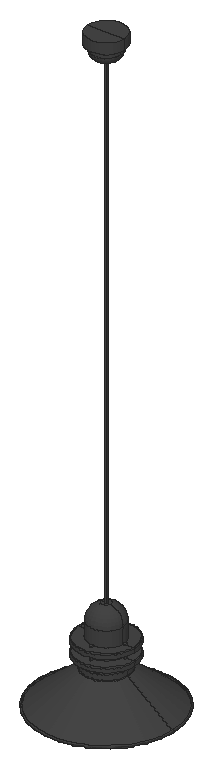
Revit family "Orbitor 200w -16,18,20 LED", category Lighting Fixtures, Revit 2020
Family settings
  Round Connector Dimension = Use Diameter
  Part Type = Normal
  OmniClass Number = 23.80.70.00
  OmniClass Title = Lighting
  Work Plane-Based = No
  Always vertical = Yes
  Cut with Voids When Loaded = No
  Light Source = Yes
  Shared = No
  Room Calculation Point = No
Parameters (values of type "ORB220")
  Weight = "4.0 lbs"
  Wattage Comments = "24W"
  Wattage = 2.4 W
  Warranty = "5 year limited warranty"  # constant formula
  built-in parameter 1150110 = 1 (stored number, unit not read)
  Voltage = 277 V
  URL = "https://www.anplighting.com/assets/Uploads/product-attachments/specification-sheets/ANP-Specification-Sheet-RLM-LED-ORB220.pdf"
  built-in parameter 1114217 = 1 (stored number, unit not read)
  Tilt Angle = 90.00°
  built-in parameter 1150109 = 1 (stored number, unit not read)
  built-in parameter 1150134 = 12
  built-in parameter 1150113 = 1 (stored number, unit not read)
  ORB220 = yes
  ORB218 = no
  ORB216 = no
  Mounting Option [instance] = 1
  Power Factor = 1
  Post Mount [instance] = Mounting Option = 5  # no
  Placement X axis side [instance] = if(Post Mount, 2' 2 15/32", if(Cord or Stem Mount, 0' 0", if(E36 20 inch, 1' 8 1/4", if(E 6 26 inch, 2' 2", if(E7 41 inch, 3' 5 1/4", 0' 1")))))  # 0' - 0"
  Photometric Web File = "ORB220CLM024LDDW40K.IES"
  Model = "ORB220"
  Manufacturer = "ANP Lighting"  # constant formula
  built-in parameter 1150105 = 238.73 (stored number, unit not read)
  Lumens = 3000 lm
  built-in parameter 1150115 = 1 (stored number, unit not read)
  Load Classification = Lighting
  Light Source Height [instance] = 1' - 1 1/2"
  built-in parameter 1150137 = (empty or 0)
  built-in parameter 1150139 = (empty or 0)
  Light Elevation _2 [instance] = if(Post Mount, 0' 0.66142", if(E7 41 inch, 0' 0.66142", if(E36 20 inch, 0' 1.65748", if(E 6 26 inch, 0' 1.53543", if(Cord or Stem Mount, (0' 4.3622" + Cord Length), 0' 0")))))  # 6' - 4.3622"
  Light Elevation _1 [instance] = if(Post Mount, 0' 0", if(E7 41 inch, 0' 0", if(E36 20 inch, 0' 1", if(E 6 26 inch, 0' 0.87402", if(Cord or Stem Mount, (0' 3.66142" + Cord Length), 0' 0")))))  # 6' - 3.66142"
  Light Elevation [instance] = if(Post Mount, 14' 0.5315", if(E7 41 inch, 0' 0", 0' 0"))  # 0' - 0"
  Life = "L70 50,000 hours"  # constant formula
  built-in parameter 1150112 = 1 (stored number, unit not read)
  built-in parameter 1150114 = 1 (stored number, unit not read)
  Lamp = "LED"
  built-in parameter 1150132 = 2
  built-in parameter 1150102 = (empty or 0)
  built-in parameter 1150107 = 4000 (stored number, unit not read)
  built-in parameter 1150138 = (empty or 0)
  built-in parameter 1150106 = 2.3873 (stored number, unit not read)
  INSIDE BODY = INSIDE BODY
  Fixture Height = 1' - 1 7/8"
  Fixture Diameter = 1' - 8"
  Efficiency = "65-125 lumens per watt"  # constant formula
  built-in parameter 1150104 = 116.13 (stored number, unit not read)
  E7 41 inch [instance] = Mounting Option = 4  # no
  E36 20 inch [instance] = Mounting Option = 3  # no
  E 6 26 inch [instance] = Mounting Option = 2  # no
  Dimming Lamp Color Temperature Shift = <None>
  Dimming = "1%"  # constant formula
  Description = "120-277 Voltage"  # constant formula
  Default Elevation = 0' - 0"
  Cord or Stem Mount [instance] = Mounting Option = 1  # yes
  Cord Length option [instance] = 0
  Cord Length [instance] = if([2' Cord], 2' 0", if([4' Cord], 4' 0", if([8' Cord], 8' 0", if([10' Cord], 10' 0", if([6' Cord], 6' 0", 6' 0")))))  # 6' - 0"
  Construction Material = "Heavy Duty spun aluminum."  # constant formula
  Color Filter = 16777215
  CRI = ">90"  # constant formula
  Bulb = Bulb
  Body Material = body
  Body Colour = "Spun aluminium"  # constant formula
  built-in parameter 1114218 = 1 (stored number, unit not read)
  built-in parameter 1150133 = 10 (stored number, unit not read)
  Apparent Load = 24 VA
  8' Cord [instance] = Cord Length option = 8  # no
  6' Cord [instance] = Cord Length option = 6  # no
  4' Cord [instance] = Cord Length option = 4  # no
  2' Cord [instance] = Cord Length option = 2  # no
  10' Cord [instance] = Cord Length option = 10  # no
Reference planes (in)
  plane 1 "Light Source Axis (F/B)": y = 0
  plane 2: z = 0
  plane 3 "Light Source Axis (L/R)": x = 0
  plane 4 "Light Source Elevation": z = 0
  plane 5: z = 0
  plane 6: x = 0
  plane 7 "Bulb Position": z = -76.3622
  plane 8 "Canopy Position": z = -75.66142
  plane 9 "IES": z = -89.8622
Dimensions and locks (in)
  "Light Elevation": plane 5 to plane 2
  "Placement X axis side": plane 6 to plane 3 "Light Source Axis (L/R)"
  "Light Elevation _2": plane 5 to plane 7 "Bulb Position"
  "Light Elevation _1": plane 5 to plane 8 "Canopy Position"
  "Light Source Height": plane 7 "Bulb Position" to plane 9 "IES"
  locked: plane 4 "Light Source Elevation" to plane 2
  aligned and locked: level to plane 2
  aligned and locked: plane 1 "Light Source Axis (F/B)" to nested 5
  aligned and locked: nested 5 to plane 2
  aligned and locked: nested 1 to plane 3 "Light Source Axis (L/R)"
  aligned and locked: plane 3 "Light Source Axis (L/R)" to nested 2
  aligned and locked: plane 3 "Light Source Axis (L/R)" to nested 4
  aligned and locked: nested 3 to plane 5
  aligned and locked: plane 3 "Light Source Axis (L/R)" to nested 3
  aligned and locked: plane 3 "Light Source Axis (L/R)" to nested 5
  aligned and locked: plane 1 "Light Source Axis (F/B)" to nested 2
  aligned and locked: plane 1 "Light Source Axis (F/B)" to nested 1
  aligned and locked: plane 1 "Light Source Axis (F/B)" to nested 4
  aligned and locked: plane 1 "Light Source Axis (F/B)" to nested 3
  aligned and locked: plane 2 to nested 1
  aligned and locked: plane 2 to nested 2
  aligned and locked: nested 4 to plane 2
  aligned and locked: imposter light to plane 9 "IES"
  aligned and locked: imposter light to plane 6
  aligned and locked: nested 6 to plane 8 "Canopy Position"
  aligned and locked: nested 7 to plane 8 "Canopy Position"
  aligned and locked: nested 8 to plane 8 "Canopy Position"
  aligned and locked: nested 6 to plane 6
  aligned and locked: nested 7 to plane 6
  aligned and locked: nested 8 to plane 6
Nested families (in)
  nested 1: "CORD OR STEM MOUNT" at (0, 0, -75.67), visible <- "Cord or Stem Mount", Cord or Stem Mount <- "Cord or Stem Mount", Body Material <- "Body Material", Light Elevation <- "Light Elevation", Cord Length <- "Cord Length", 10' Cord <- "10' Cord", 2' Cord <- "2' Cord", 4' Cord <- "4' Cord", 6' Cord <- "6' Cord", 8' Cord <- "8' Cord", type "CORD OR STEM MOUNT"
    with Light Elevation 0' - 0", Cord or Stem Mount yes, Cord Length 6' - 0", Body Material body, 8' Cord no, 6' Cord no, 4' Cord no, 2' Cord no, 10' Cord no
  nested 2: "E6 26 INCH" at (0, 0, 0), visible <- "E 6 26 inch", Chain Length <- "Cord Length", E 6 26 inch <- "E 6 26 inch", Placement X axis side <- "Placement X axis side", Body Material <- "Body Material", Light Elevation <- "Light Elevation", type "E6 26 INCH"
    with Placement X axis side 0' - 0", Light Elevation 0' - 0", E 6 26 inch no, Chain Length 6' - 0", Body Material body
  nested 3: "E7 41 INCH" at (0, 0, 0), Chain Length <- "Cord Length", visible <- "E7 41 inch", E7 41 inch <- "E7 41 inch", Placement X axis side <- "Placement X axis side", Body Material <- "Body Material", Light Elevation <- "Light Elevation", type "E7 41 INCH"
    with Placement X axis side 0' - 0", Light Elevation 0' - 0", E7 41 inch no, Chain Length 6' - 0", Body Material body
  nested 4: "E36 20 INCH" at (0, 0, 0), visible <- "E36 20 inch", E36 20 inch <- "E36 20 inch", Placement X axis side <- "Placement X axis side", Chain Length <- "Cord Length", Body Material <- "Body Material", Light Elevation <- "Light Elevation", type "E36 20 INCH"
    with Placement X axis side 0' - 0", Light Elevation 0' - 0", E36 20 inch no, Chain Length 6' - 0", Body Material body
  nested 5: "POST MOUNT" at (0, 0, 0), visible <- "Post Mount", Post Mount <- "Post Mount", Placement X axis side <- "Placement X axis side", Chain Length <- "Cord Length", Body Material <- "Body Material", Light Elevation <- "Light Elevation", type "POST MOUNT"
    with Post Mount no, Placement X axis side 0' - 0", Light Elevation 0' - 0", Chain Length 6' - 0", Body Material body
  nested 6: "ORB216" at (0, 0, -75.66142), Light Elevation <- "Light Elevation", Body <- "Body Material", INSIDE BODY <- "INSIDE BODY", Bulb <- "Bulb", visible <- "ORB216", ORB216 <- "ORB216", type "ORB216"
    with ORB216 no, Light Elevation 0' - 0", INSIDE BODY INSIDE BODY, Bulb Bulb, Body body
  nested 7: "ORB218" at (0, 0, -75.66142), Light Elevation <- "Light Elevation", Body <- "Body Material", INSIDE BODY <- "INSIDE BODY", visible <- "ORB218", ORB218 <- "ORB218", Bulb <- "Bulb", type "ORB218"
    with ORB218 no, Light Elevation 0' - 0", INSIDE BODY INSIDE BODY, Bulb Bulb, Body body
  nested 8: "ORB220" at (0, 0, -75.66142), Light Elevation <- "Light Elevation", Body <- "Body Material", INSIDE BODY <- "INSIDE BODY", Bulb <- "Bulb", visible <- "ORB220", ORB220 <- "ORB220", type "ORB220"
    with ORB220 yes, Light Elevation 0' - 0", INSIDE BODY INSIDE BODY, Bulb Bulb, Body body
Definition of nested family "CORD OR STEM MOUNT"
  Parameters (values of type "CORD OR STEM MOUNT")
    URL = ""
    Model = ""
    Manufacturer = ""
    Light Elevation [instance] = 1' - 7.69"
    Default Elevation = 0' - 0"
    Cord or Stem Mount [instance] = yes
    Cord Length [instance] = 6' - 0"
    Body Material [instance] = none
    8' Cord [instance] = no
    6' Cord [instance] = no
    4' Cord [instance] = no
    2' Cord [instance] = no
    10' Cord [instance] = no
  Reference planes (in)
    plane 1 "Light Source Axis (F/B)": y = 0
    plane 2: z = 0
    plane 3 "Light Source Axis (L/R)": x = 0
    plane 4 "Light Source Elevation": z = 23.125
    plane 5: z = 91.69
    plane 6: z = 19.69
  Forms (in)
    Extrusion 1, void, not visible
      sketch origin (0, 0, 2.38154) x (1, 0, 0) y (0, 0, 1)
        loop
          circle (0, 4.59925) r 0.16583
      from 1.18594 to 1.75
    Extrusion 2, void, not visible
      sketch origin (0, 0, 2.38154) x (0.707107, -0.707107, 0) y (0, 0, 1)
        loop
          circle (0, 4.59925) r 0.16583
      from 1.18594 to 1.75
    Extrusion 3, void, not visible
      sketch origin (0, 0, 2.38154) x (0.707107, 0.707107, 0) y (0, 0, 1)
        loop
          circle (0, 4.59925) r 0.16583
      from 1.18594 to 1.75
    Extrusion 4, void, not visible
      sketch origin (0, 0, 2.38154) x (0, 1, 0) y (0, 0, 1)
        loop
          circle (0, 4.59925) r 0.16583
      from 1.18594 to 1.75
    Extrusion 5, void, not visible
      sketch origin (0, 0, 2.38154) x (-0.707107, 0.707107, 0) y (0, 0, 1)
        loop
          circle (0, 4.59925) r 0.16583
      from 1.18594 to 1.75
    Extrusion 6, void, not visible
      sketch origin (0, 0, 2.38154) x (-1, 0, 0) y (0, 0, 1)
        loop
          circle (0, 4.59925) r 0.20678
      from 1.18594 to 1.75
    Extrusion 7, void, not visible
      sketch origin (0, 0, 2.38154) x (-0.707107, -0.707107, 0) y (0, 0, 1)
        loop
          circle (0, 4.59925) r 0.16583
      from 1.18594 to 1.75
    Extrusion 8, void, not visible
      sketch origin (0, 0, 2.38154) x (0, -1, 0) y (0, 0, 1)
        loop
          circle (0, 4.59925) r 0.16583
      from 1.18594 to 1.75
    Revolve 9, solid, material <- "Body Material", visible <- "Cord or Stem Mount"
      sketch origin (0, 0, 174.56698) x (1, 0, 0) y (0, 0, 1)
        loop
          line (2.6875, -79.20698) -> (0, -79.20698) -> (0, -82.87698) -> (0.125, -82.87698) -> (0.125, -82.83698) -> (0.75, -82.83698)
          arc (0.75, -82.83698) -> (0.81694, -82.77004) -> (0.75, -82.7031) r 0.06694
          line (0.75, -82.7031) -> (0.89763, -82.7031) -> (1.00223, -82.5985) -> (1.06587, -82.5985)
          arc (1.06587, -82.5985) -> (1.80099, -82.29401) -> (2.10549, -81.55888) r 1.03962
          line (2.10549, -81.55888) -> (2.10549, -81.03899)
          arc (2.10549, -81.03899) -> (2.12951, -80.981) -> (2.1875, -80.95698) r 0.08201
          line (2.1875, -80.95698) -> (2.1875, -80.70698) -> (2.6875, -80.70698) -> (2.6875, -79.20698)
        axis (0, -79.20698) -> (0, -82.87698)
      angle from 0 to 360
    Revolve 10, solid, material <- "Body Material", visible <- "Cord or Stem Mount"
      sketch origin (0, 0, 0) x (1, 0, 0) y (0, 0, 1)
        loop
          line (0, 91.69) -> (-0.125, 91.69) -> (-0.125, 19.69) -> (0, 19.69) -> (0, 91.69)
        axis (0, 19.69) -> (0, 91.69)
      angle from 0 to 360
  Dimensions and locks (in)
    "Light Elevation": plane 6 to plane 2
    "Cord Length": plane 5 to plane 6
    locked: Revolve 10 sketch curve to Revolve 10 sketch curve at 0.125
    aligned and locked: level to plane 2
    aligned and locked: Revolve 10 sketch curve to plane 3 "Light Source Axis (L/R)"
    aligned and locked: Revolve 10 sketch curve to plane 6
    aligned and locked: Revolve 10 sketch curve to plane 5
    aligned and locked: plane 3 "Light Source Axis (L/R)" to Revolve 10 sketch curve
  Automatic sketch dimensions
    Revolve 9 sketch curve to plane 3 "Light Source Axis (L/R)" = 0' - 0"  (x2)
    Revolve 9 sketch curve to plane 5 = 0' - 0"
    plane 3 "Light Source Axis (L/R)" to Revolve 9 sketch curve = 0' - 0 1/8"
    Revolve 9 sketch curve to plane 5 = 0' - 0.17388"
    Revolve 9 sketch curve to Revolve 9 sketch curve = 0' - 0 5/8"
    Revolve 9 sketch curve to Revolve 9 sketch curve = 0' - 0.14763"
    Revolve 9 sketch curve to plane 5 = 0' - 0.27847"
    Revolve 9 sketch curve to Revolve 9 sketch curve = 0' - 0.1046"
    Revolve 9 sketch curve to Revolve 9 sketch curve = 0' - 0.06364"
    Revolve 9 sketch curve to Revolve 9 sketch curve = 0' - 1.03962"
    Revolve 9 sketch curve to Revolve 9 sketch curve = 0' - 0 21/256"
    Revolve 9 sketch curve to Revolve 9 sketch curve = 0' - 0 1/2"  (x2)
    Revolve 9 sketch curve to Revolve 9 sketch curve = 0' - 0.51989"
    Revolve 9 sketch curve to Revolve 9 sketch curve = 0' - 0 1/4"
    Revolve 9 sketch curve to Revolve 9 sketch curve = 0' - 2.3519"
    Revolve 9 sketch curve to Revolve 9 sketch curve = 0' - 1 1/4"
    Revolve 9 sketch curve to Revolve 9 sketch curve = 0' - 0.04"
    Revolve 10 sketch curve to Revolve 10 sketch curve = 0' - 0 1/2"
    Revolve 10 sketch curve to Revolve 10 sketch curve = 0' - 0.42345"
Definition of nested family "ORB220"
  Parameters (values of type "ORB220")
    ORB220 [instance] = yes
    Light Elevation [instance] = 0' - 0"
    INSIDE BODY [instance] = none
    Default Elevation = 0' - 0"
    Bulb [instance] = none
    Body [instance] = none
  Reference planes (in)
    plane 1 "Center (Front/Back)": y = 0
    plane 2: z = 0
    plane 3 "Center (Left/Right)": x = 0
    plane 4: z = 0
  Dimensions and locks (in)
    "Light Elevation": plane 4 to plane 2
    aligned and locked: plane 2 to level
    aligned and locked: plane 3 "Center (Left/Right)" to nested 1
    aligned and locked: plane 1 "Center (Front/Back)" to nested 1
    aligned and locked: nested 1 to plane 4
  Nested families (in)
    nested 1: "ORB220-LED" at (0, 0, -13.95795), INSIDE BODY <- "INSIDE BODY", Body <- "Body", visible <- "ORB220", ORB220 <- "ORB220", Bulb <- "Bulb", type "ORB220-LED"
      with ORB220 yes, INSIDE BODY none, Bulb none, Body none
  Definition of nested family "ORB220-LED"
    Parameters (values of type "ORB220-LED")
      ORB220 [instance] = yes
      INSIDE BODY [instance] = none
      Default Elevation = 0' - 0"
      Bulb [instance] = none
      Body [instance] = none
    Reference planes (in)
      plane 1 "Center (Front/Back)": y = 0
      plane 2: z = 0
      plane 3 "Center (Left/Right)": x = 0
    Forms (in)
      Revolve 1, solid, material <- "Body", visible <- "ORB220"
        sketch origin (0, 0, -0.91709) x (1, 0, 0) y (0, 0, 1)
          loop
            arc (-0.73351, 14.87503) -> (-2.01045, 13.97103) -> (-2.5, 12.48506) r 2.5
            line (-2.5, 12.48506) -> (-2.5, 10.11006)
            arc (-2.5, 10.11006) -> (-2.53661, 10.02167) -> (-2.625, 9.98506) r 0.125
            line (-2.625, 9.98506) -> (-3.0625, 9.98506)
            arc (-3.0625, 9.98506) -> (-3.15089, 9.94845) -> (-3.1875, 9.86006) r 0.125
            line (-3.1875, 9.86006) -> (-3.1875, 9.36006) -> (-3.1075, 9.36006) -> (-3.1075, 9.86006)
            arc (-3.1075, 9.86006) -> (-3.09432, 9.89188) -> (-3.0625, 9.90506) r 0.045
            line (-3.0625, 9.90506) -> (-2.625, 9.90506)
            arc (-2.625, 9.90506) -> (-2.48004, 9.9651) -> (-2.42, 10.11006) r 0.205
            line (-2.42, 10.11006) -> (-2.42, 12.48506)
            arc (-2.42, 12.48506) -> (-1.93222, 13.94209) -> (-0.6655, 14.81176) r 2.42
            line (-0.6655, 14.81176) -> (-0.07218, 14.81176) -> (-0.07218, 14.87503) -> (-0.73351, 14.87503)
          axis (0, 14.87503) -> (0, 9.36006)
        angle from 0 to 360
      Revolve 2, solid, material <- "Body", visible <- "ORB220"
        sketch origin (0, 0, -0.91709) x (1, 0, 0) y (0, 0, 1)
          loop
            line (-2.5625, 10.31506) -> (-4.1075, 10.31506)
            arc (-4.1075, 10.31506) -> (-4.16407, 10.29163) -> (-4.1875, 10.23506) r 0.08
            line (-4.1875, 10.23506) -> (-4.1875, 9.69006) -> (-4.1075, 9.69006) -> (-4.1075, 10.23506) -> (-2.5625, 10.23506) -> (-2.5625, 10.31506)
          axis (0, 10.31506) -> (0, 9.69006)
        angle from 0 to 360
      Revolve 3, solid, material <- "Body", visible <- "ORB220"
        sketch origin (0, 0, -0.91709) x (1, 0, 0) y (0, 0, 1)
          loop
            line (-2.5625, 9.98506) -> (-2.5625, 10.11006) -> (-2.5625, 10.23506) -> (-4, 10.23506) -> (-4, 10.11006) -> (-4, 9.98506) -> (-2.5625, 9.98506)
          axis (0, 10.23506) -> (0, 9.98506)
        angle from 0 to 360
      Revolve 4, solid, material <- "Body", visible <- "ORB220"
        sketch origin (0, 0, -0.91709) x (1, 0, 0) y (0, 0, 1)
          loop
            line (-1.5, 9.90506) -> (-3.0625, 9.90506) -> (-3.0625, 9.78006) -> (-1.5, 9.78006) -> (-1.5, 9.90506)
          axis (0, 9.90506) -> (0, 9.78006)
        angle from 0 to 360
      Revolve 5, solid, material <- "Body", visible <- "ORB220"
        sketch origin (0, 0, -0.91709) x (1, 0, 0) y (0, 0, 1)
          loop
            line (-1.25, 9.78006) -> (-2.5, 9.78006) -> (-2.5, 9.03006) -> (-2.4375, 9.03006) -> (-2.4375, 8.53006) -> (-2.1875, 8.53006) -> (-2.1875, 9.59256) -> (-1.25, 9.59256) -> (-1.25, 9.78006)
          axis (0, 9.78006) -> (0, 8.53006)
        angle from 0 to 360
      Revolve 6, solid, material <- "Body", visible <- "ORB220"
        sketch origin (0, 0, -0.91709) x (1, 0, 0) y (0, 0, 1)
          loop
            line (-2.5625, 8.53006) -> (-4.1075, 8.53006)
            arc (-4.1075, 8.53006) -> (-4.16407, 8.50663) -> (-4.1875, 8.45006) r 0.08
            line (-4.1875, 8.45006) -> (-4.1875, 7.90506) -> (-4.1075, 7.90506) -> (-4.1075, 8.45006) -> (-2.5625, 8.45006) -> (-2.5625, 8.53006)
          axis (0, 8.53006) -> (0, 7.90506)
        angle from 0 to 360
      Revolve 7, solid, material <- "Body", visible <- "ORB220"
        sketch origin (0, 0, -0.91709) x (1, 0, 0) y (0, 0, 1)
          loop
            arc (-2.8125, 10.49006) -> (-2.92183, 10.45978) -> (-3, 10.37756) r 0.2125
            line (-3, 10.37756) -> (-3, 10.31506) -> (-2.8125, 10.31506) -> (-2.8125, 10.49006)
          loop
            line (-2.9375, 9.78006) -> (-3, 9.78006) -> (-3, 8.53006) -> (-2.9375, 8.53006) -> (-2.9375, 9.78006)
          loop
            line (-2.9375, 8.45006) -> (-3, 8.45006) -> (-3, 7.20006) -> (-2.9375, 7.20006) -> (-2.9375, 8.45006)
          axis (-2.8125, 10.49006) -> (-2.8125, 7.20006)
        angle from 0 to 360
      Revolve 8, solid, material <- "Body", visible <- "ORB220"
        sketch origin (0, 0, -0.91709) x (-1, 0, 0) y (0, 0, 1)
          loop
            arc (-2.8125, 10.49006) -> (-2.92183, 10.45978) -> (-3, 10.37756) r 0.2125
            line (-3, 10.37756) -> (-3, 10.31506) -> (-2.8125, 10.31506) -> (-2.8125, 10.49006)
          loop
            line (-2.9375, 9.78006) -> (-3, 9.78006) -> (-3, 8.53006) -> (-2.9375, 8.53006) -> (-2.9375, 9.78006)
          loop
            line (-2.9375, 8.45006) -> (-3, 8.45006) -> (-3, 7.20006) -> (-2.9375, 7.20006) -> (-2.9375, 8.45006)
          axis (-2.8125, 10.49006) -> (-2.8125, 7.20006)
        angle from 0 to 360
      Revolve 9, solid, material <- "Body", visible <- "ORB220"
        sketch origin (0, 0, -0.91709) x (0, 1, 0) y (0, 0, 1)
          loop
            arc (-2.8125, 10.49006) -> (-2.92183, 10.45978) -> (-3, 10.37756) r 0.2125
            line (-3, 10.37756) -> (-3, 10.31506) -> (-2.8125, 10.31506) -> (-2.8125, 10.49006)
          loop
            line (-2.9375, 9.78006) -> (-3, 9.78006) -> (-3, 8.53006) -> (-2.9375, 8.53006) -> (-2.9375, 9.78006)
          loop
            line (-2.9375, 8.45006) -> (-3, 8.45006) -> (-3, 7.20006) -> (-2.9375, 7.20006) -> (-2.9375, 8.45006)
          axis (-2.8125, 10.49006) -> (-2.8125, 7.20006)
        angle from 0 to 360
      Revolve 10, solid, material <- "Body", visible <- "ORB220"
        sketch origin (0, 0, -0.91709) x (0, -1, 0) y (0, 0, -1)
          loop
            line (-2.8125, -10.49006) -> (-2.8125, -10.31506) -> (-3, -10.31506) -> (-3, -10.37756)
            arc (-3, -10.37756) -> (-2.92183, -10.45978) -> (-2.8125, -10.49006) r 0.2125
          loop
            line (-2.9375, -9.78006) -> (-2.9375, -8.53006) -> (-3, -8.53006) -> (-3, -9.78006) -> (-2.9375, -9.78006)
          loop
            line (-2.9375, -8.45006) -> (-2.9375, -7.20006) -> (-3, -7.20006) -> (-3, -8.45006) -> (-2.9375, -8.45006)
          axis (-2.8125, -10.49006) -> (-2.8125, -7.20006)
        angle from 0 to 360
      Revolve 11, solid, material <- "Bulb", visible <- "ORB220"
        sketch origin (0, 0, -0.91709) x (1, 0, 0) y (0, 0, 1)
          loop
            line (-2.07662, 8.53006) -> (-2.185, 8.4375) -> (-2.185, 5.92368) -> (-2.185, 3.185)
            arc (-2.185, 3.185) -> (-1.54503, 1.63997) -> (0, 1) r 2.185
            line (0, 1) -> (0, 1.09375)
            arc (0, 1.09375) -> (-1.47874, 1.70626) -> (-2.09125, 3.185) r 2.09125
            line (-2.09125, 3.185) -> (-2.09125, 5.92368) -> (-2.09125, 8.39428) -> (-1.98287, 8.48684) -> (-1.98287, 9.5) -> (-2.07662, 9.5) -> (-2.07662, 8.53006)
          axis (0, 9.5) -> (0, 1)
        angle from 0 to 360
      Revolve 12, solid, material <- "Body", visible <- "ORB220"
        sketch origin (0, 0, -4.5) x (1, 0, 0) y (0, 0, 1)
          loop
            line (-2.5625, 10.70298) -> (-2.5625, 10.78298) -> (-3.0625, 10.78298)
            arc (-3.0625, 10.78298) -> (-3.15089, 10.74636) -> (-3.1875, 10.65798) r 0.125
            line (-3.1875, 10.65798) -> (-3.1875, 9.9182)
            arc (-3.1875, 9.9182) -> (-3.20446, 9.85534) -> (-3.25072, 9.80953) r 0.125
            line (-3.25072, 9.80953) -> (-9.81976, 4.74349)
            arc (-9.81976, 4.74349) -> (-9.91861, 4.79633) -> (-9.8475, 4.88298) r 0.0725
            line (-9.8475, 4.88298) -> (-9.8475, 4.96298)
            arc (-9.8475, 4.96298) -> (-10, 4.81048) -> (-9.8475, 4.65798) r 0.1525
            arc (-9.8475, 4.65798) -> (-9.81775, 4.66091) -> (-9.78914, 4.66958) r 0.1525
            line (-9.78914, 4.66958) -> (-3.20527, 9.74348)
            arc (-3.20527, 9.74348) -> (-3.1336, 9.81809) -> (-3.1075, 9.9182) r 0.205
            line (-3.1075, 9.9182) -> (-3.1075, 10.65798)
            arc (-3.1075, 10.65798) -> (-3.09432, 10.68979) -> (-3.0625, 10.70298) r 0.045
            line (-3.0625, 10.70298) -> (-2.5625, 10.70298)
          axis (0, 10.78298) -> (0, 4.65798)
        angle from 0 to 360
      Revolve 13, solid, material <- "INSIDE BODY", visible <- "ORB220"
        sketch origin (0, 0, 0) x (1, 0, 0) y (0, 0, 1)
          loop
            line (3.20527, 5.24348) -> (3.04145, 5.24348) -> (9.52842, 0.2443) -> (9.69224, 0.2443) -> (3.20527, 5.24348)
          axis (0, 0.2443) -> (0, 5.24348)
        angle from 0 to 360
    Dimensions and locks (in)
      aligned and locked: plane 2 to level
Definition of nested family "E6 26 INCH"
  Parameters (values of type "E6 26 INCH")
    URL = ""
    Placement X axis side [instance] = 2' - 2"
    Model = ""
    Manufacturer = ""
    Light Elevation [instance] = 8' - 4"
    E 6 26 inch [instance] = yes
    Default Elevation = 0' - 0"
    Chain Length [instance] = 0' - 0"
    Body Material [instance] = none
  Reference planes (in)
    plane 1 "Light Source Axis (F/B)": y = 0
    plane 2: z = 0
    plane 3 "Light Source Axis (L/R)": x = 0
    plane 4 "Light Source Elevation": z = 23.125
    plane 5: z = 100
    plane 6: x = -26
    plane 7: z = 99.125
    plane 8: x = -24.12
    plane 9: x = -25.5474
  Forms (in)
    Extrusion 1, void, not visible
      sketch origin (0, 0, 2.38154) x (1, 0, 0) y (0, 0, 1)
        loop
          circle (0, 4.59925) r 0.16583
      from 1.18594 to 1.75
    Extrusion 2, void, not visible
      sketch origin (0, 0, 2.38154) x (0.707107, -0.707107, 0) y (0, 0, 1)
        loop
          circle (0, 4.59925) r 0.16583
      from 1.18594 to 1.75
    Extrusion 3, void, not visible
      sketch origin (0, 0, 2.38154) x (0.707107, 0.707107, 0) y (0, 0, 1)
        loop
          circle (0, 4.59925) r 0.16583
      from 1.18594 to 1.75
    Extrusion 4, void, not visible
      sketch origin (0, 0, 2.38154) x (0, 1, 0) y (0, 0, 1)
        loop
          circle (0, 4.59925) r 0.16583
      from 1.18594 to 1.75
    Extrusion 5, void, not visible
      sketch origin (0, 0, 2.38154) x (-0.707107, 0.707107, 0) y (0, 0, 1)
        loop
          circle (0, 4.59925) r 0.16583
      from 1.18594 to 1.75
    Extrusion 6, void, not visible
      sketch origin (0, 0, 2.38154) x (-1, 0, 0) y (0, 0, 1)
        loop
          circle (0, 4.59925) r 0.20678
      from 1.18594 to 1.75
    Extrusion 7, void, not visible
      sketch origin (0, 0, 2.38154) x (-0.707107, -0.707107, 0) y (0, 0, 1)
        loop
          circle (0, 4.59925) r 0.16583
      from 1.18594 to 1.75
    Extrusion 8, void, not visible
      sketch origin (0, 0, 2.38154) x (0, -1, 0) y (0, 0, 1)
        loop
          circle (0, 4.59925) r 0.16583
      from 1.18594 to 1.75
    Sweep 9, solid, material <- "Body Material", visible <- "E 6 26 inch"
      path origin (-41.25, 0, 168.51693) x (1, 0, 0) y (0, 0, 1)
        loop
          line (17.13, -68.51693) -> (27.68551, -68.51693)
          arc (27.68551, -68.51693) -> (28.47996, -68.34486) -> (29.13202, -67.8595) r 1.92004
          line (29.13202, -67.8595) -> (34.23651, -62.01155)
          arc (34.23651, -62.01155) -> (38.65464, -60.89667) -> (41.25, -64.64193) r 4
          line (41.25, -64.64193) -> (41.25, -69.39193)
      profile origin (-18.84224, 0, 100) x (0, 0, 1) y (0, -1, 0)
        loop
          circle (0, 0) r 0.5
    Revolve 10, solid, material <- "Body Material", visible <- "E 6 26 inch"
      sketch origin (-26, 0, 168.51693) x (1, 0, 0) y (0, 0, 1)
        loop
          line (0, -66.07943) -> (0, -68.51693) -> (1.88, -68.51693) -> (1.88, -67.69272) -> (0.4526, -67.69272) -> (0.4526, -66.54122) -> (0.33125, -66.54122) -> (0.33125, -66.07943) -> (0, -66.07943)
        axis (0, -68.51693) -> (1.88, -68.51693)
      angle from 0 to 360
    Extrusion 11, solid, material <- "Body Material", visible <- "E 6 26 inch"
      sketch origin (-26, 0, 168.51693) x (0, -1, 0) y (0, 0, -1)
        loop
          line (0.25, 68.51693) -> (0.25, 69.51693) -> (-0.25, 69.51693) -> (-0.25, 68.51693) -> (0.25, 68.51693)
      from 0.4526 to 1.88
  Cuts and joins
    joined: Revolve 10, Extrusion 11
  Dimensions and locks (in)
    "Light Elevation": plane 5 to plane 2
    "Placement X axis side": plane 3 "Light Source Axis (L/R)" to plane 6
    locked: plane 5 to plane 7 at 0.875
    Revolve 10 sketch curve to Revolve 10 sketch curve to Revolve 10 sketch curve to plane 6 = 0' - 1.4274" locked, 0' - 0.12135" locked, 0' - 0.33125" locked
    Revolve 10 sketch curve to Revolve 10 sketch curve to Revolve 10 sketch curve to plane 5 = 0' - 0.46179" locked, 0' - 1.1515" locked, 0' - 0 211/256" locked
    locked: Sweep 9 sketch curve to plane 6 at 1.88
    locked: Sweep 9 sketch curve to Sweep 9 sketch curve at 10.55551
    locked: Sweep 9 sketch curve to Sweep 9 sketch curve at 13.56449
    locked: Sweep 9 sketch curve to Sweep 9 sketch curve at 4.75
    locked: plane 9 to plane 6 at 0.4526
    locked: plane 8 to plane 9 at 1.4274
    aligned and locked: level to plane 2
    aligned and locked: Revolve 10 sketch curve to plane 6
    aligned and locked: plane 5 to Revolve 10 sketch curve
    aligned and locked: Revolve 10 sketch curve to plane 5
    aligned and locked: cut or joined group of Revolve 10, Extrusion 11 to plane 9
    aligned and locked: plane 8 to cut or joined group of Revolve 10, Extrusion 11
  Automatic sketch dimensions
    Sweep 9 sketch curve to plane 5 = 0' - 0"
    Sweep 9 sketch curve to Sweep 9 sketch curve = 0' - 4"
    Sweep 9 sketch curve to Sweep 9 sketch curve = 0' - 3.01349"
    plane 5 to Sweep 9 sketch curve = 0' - 0.65743"
    Sweep 9 sketch curve to Sweep 9 sketch curve = 0' - 1.4465"
    Sweep 9 sketch curve to plane 5 = 0' - 0 7/8"
    profile plane to Sweep 9 sketch curve = 0' - 0"
    Sweep 9 sketch curve to profile plane = 0' - 0"
    plane 6 to Revolve 10 sketch curve = 0' - 0.62562"
    Revolve 10 sketch curve to Revolve 10 sketch curve = 0' - 0 1/2"
    Extrusion 11 sketch curve to plane 5 = 0' - 0"
    plane 1 "Light Source Axis (F/B)" to Extrusion 11 sketch curve = 0' - 0 1/4"
    Extrusion 11 sketch curve to plane 1 "Light Source Axis (F/B)" = 0' - 0 1/4"
    plane 5 to Extrusion 11 sketch curve = 0' - 1"
    radius of Sweep 9 sketch curve = 0' - 0 1/2"
Definition of nested family "E7 41 INCH"
  Parameters (values of type "E7 41 INCH")
    URL = ""
    Placement X axis side [instance] = 4' - 2"
    Model = ""
    Manufacturer = ""
    Light Elevation [instance] = 8' - 4"
    E7 41 inch [instance] = yes
    Default Elevation = 0' - 0"
    Chain Length [instance] = 0' - 0"
    Body Material [instance] = none
  Reference planes (in)
    plane 1 "Light Source Axis (F/B)": y = 0
    plane 2: z = 0
    plane 3 "Light Source Axis (L/R)": x = 0
    plane 4 "Light Source Elevation": z = 23.125
    plane 5: z = 100
    plane 6: x = -50
  Forms (in)
    Extrusion 1, void, not visible
      sketch origin (0, 0, 2.38154) x (1, 0, 0) y (0, 0, 1)
        loop
          circle (0, 4.59925) r 0.16583
      from 1.18594 to 1.75
    Extrusion 2, void, not visible
      sketch origin (0, 0, 2.38154) x (0.707107, -0.707107, 0) y (0, 0, 1)
        loop
          circle (0, 4.59925) r 0.16583
      from 1.18594 to 1.75
    Extrusion 3, void, not visible
      sketch origin (0, 0, 2.38154) x (0.707107, 0.707107, 0) y (0, 0, 1)
        loop
          circle (0, 4.59925) r 0.16583
      from 1.18594 to 1.75
    Extrusion 4, void, not visible
      sketch origin (0, 0, 2.38154) x (0, 1, 0) y (0, 0, 1)
        loop
          circle (0, 4.59925) r 0.16583
      from 1.18594 to 1.75
    Extrusion 5, void, not visible
      sketch origin (0, 0, 2.38154) x (-0.707107, 0.707107, 0) y (0, 0, 1)
        loop
          circle (0, 4.59925) r 0.16583
      from 1.18594 to 1.75
    Extrusion 6, void, not visible
      sketch origin (0, 0, 2.38154) x (-1, 0, 0) y (0, 0, 1)
        loop
          circle (0, 4.59925) r 0.20678
      from 1.18594 to 1.75
    Extrusion 7, void, not visible
      sketch origin (0, 0, 2.38154) x (-0.707107, -0.707107, 0) y (0, 0, 1)
        loop
          circle (0, 4.59925) r 0.16583
      from 1.18594 to 1.75
    Extrusion 8, void, not visible
      sketch origin (0, 0, 2.38154) x (0, -1, 0) y (0, 0, 1)
        loop
          circle (0, 4.59925) r 0.16583
      from 1.18594 to 1.75
    Revolve 9, solid, material <- "Body Material", visible <- "E7 41 inch"
      sketch origin (-41.25, 0, 168.39193) x (1, 0, 0) y (0, 0, 1)
        loop
          line (-8.75, -66.20443) -> (-8.75, -68.51693) -> (-6.87, -68.51693) -> (-6.87, -67.69272) -> (-8.2974, -67.69272) -> (-8.2974, -66.54122) -> (-8.41875, -66.54122) -> (-8.41875, -66.20443) -> (-8.75, -66.20443)
        axis (-8.75, -68.51693) -> (-6.87, -68.51693)
      angle from 0 to 360
    Extrusion 10, solid, material <- "Body Material", visible <- "E7 41 inch"
      sketch origin (-41.25, 0, 168.39193) x (0, -1, 0) y (0, 0, -1)
        loop
          line (0.25, 68.51693) -> (0.25, 69.51693) -> (-0.25, 69.51693) -> (-0.25, 68.51693) -> (0.25, 68.51693)
      from -8.2974 to -6.87
    Sweep 11, solid, material <- "Body Material", visible <- "E7 41 inch"
      path origin (-41.25, 0, 168.39193) x (1, 0, 0) y (0, 0, 1)
        loop
          line (-6.87, -68.51693) -> (16.04011, -68.51693)
          arc (16.04011, -68.51693) -> (17.864, -68.13651) -> (19.38375, -67.0587) r 4.5625
          line (19.38375, -67.0587) -> (24.70217, -61.33018)
          arc (24.70217, -61.33018) -> (29.64465, -60.20324) -> (32.5, -64.39193) r 4.5
          line (32.5, -64.39193) -> (32.5, -68.39193)
      profile origin (-36.66494, 0, 99.875) x (0, 0, 1) y (0, -1, 0)
        loop
          circle (0, 0) r 0.5
  Dimensions and locks (in)
    "Placement X axis side": plane 3 "Light Source Axis (L/R)" to plane 6
    "Light Elevation": plane 5 to plane 2
    locked: Revolve 9 sketch curve to Revolve 9 sketch curve at 0.33125
    locked: Revolve 9 sketch curve to Revolve 9 sketch curve at 0.4526
    locked: Revolve 9 sketch curve to Revolve 9 sketch curve at 1.88
    locked: Revolve 9 sketch curve to Revolve 9 sketch curve at 0.82421
    locked: Revolve 9 sketch curve to Revolve 9 sketch curve at 1.1515
    locked: Revolve 9 sketch curve to Revolve 9 sketch curve at 0.33679
    locked: plane 5 to Revolve 9 sketch curve at 0.125
    locked: Extrusion 10 sketch curve to Extrusion 10 sketch curve at 0.5
    locked: Extrusion 10 sketch curve to Extrusion 10 sketch curve at 1
    locked: plane 5 to Extrusion 10 sketch curve at 0.125
    locked: plane 5 to Sweep 11 sketch curve at 0.125
    locked: Sweep 11 sketch curve to Sweep 11 sketch curve at 39.37
    locked: Sweep 11 sketch curve to Sweep 11 sketch curve at 4
    locked: plane 6 to Extrusion 10 at 0.4526
    locked: Sweep 11 sketch curve to plane 6 at 1.88
    locked: Extrusion 10 to Extrusion 10 at 1.4274
    aligned and locked: plane 2 to level
    aligned and locked: Revolve 9 sketch curve to plane 6
  Automatic sketch dimensions
    Revolve 9 sketch curve to plane 5 = 0' - 0 1/8"
    plane 6 to Revolve 9 sketch curve = 0' - 0.62562"
    Revolve 9 sketch curve to Revolve 9 sketch curve = 0' - 0 1/2"
    plane 1 "Light Source Axis (F/B)" to Extrusion 10 sketch curve = 0' - 0 1/4"
    Sweep 11 sketch curve to plane 5 = 0' - 0"
    Sweep 11 sketch curve to Sweep 11 sketch curve = 0' - 4 1/2"
    Sweep 11 sketch curve to Sweep 11 sketch curve = 0' - 3.29783"
    plane 5 to Sweep 11 sketch curve = 0' - 1.33323"
    Sweep 11 sketch curve to Sweep 11 sketch curve = 0' - 5.31842"
    Sweep 11 sketch curve to Sweep 11 sketch curve = 0' - 3.34364"
    profile plane to Sweep 11 sketch curve = 0' - 0"
    Sweep 11 sketch curve to profile plane = 0' - 0"
    radius of Sweep 11 sketch curve = 0' - 0 1/2"
Definition of nested family "E36 20 INCH"
  Parameters (values of type "E36 20 INCH")
    URL = ""
    Placement X axis side [instance] = 1' - 8 1/4"
    Model = ""
    Manufacturer = ""
    Light Elevation [instance] = 8' - 4"
    E36 20 inch [instance] = yes
    Default Elevation = 0' - 0"
    Chain Length [instance] = 0' - 0"
    Body Material [instance] = none
  Reference planes (in)
    plane 1 "Light Source Axis (F/B)": y = 0
    plane 2: z = 0
    plane 3 "Light Source Axis (L/R)": x = 0
    plane 4 "Light Source Elevation": z = 23.125
    plane 5: z = 99
    plane 6: x = -20.25
    plane 7: z = 100
    plane 8: x = -18.37008
    plane 9: x = -19.79724
  Forms (in)
    Extrusion 1, void, not visible
      sketch origin (0, 0, 2.38154) x (1, 0, 0) y (0, 0, 1)
        loop
          circle (0, 4.59925) r 0.16583
      from 1.18594 to 1.75
    Extrusion 2, void, not visible
      sketch origin (0, 0, 2.38154) x (0.707107, -0.707107, 0) y (0, 0, 1)
        loop
          circle (0, 4.59925) r 0.16583
      from 1.18594 to 1.75
    Extrusion 3, void, not visible
      sketch origin (0, 0, 2.38154) x (0.707107, 0.707107, 0) y (0, 0, 1)
        loop
          circle (0, 4.59925) r 0.16583
      from 1.18594 to 1.75
    Extrusion 4, void, not visible
      sketch origin (0, 0, 2.38154) x (0, 1, 0) y (0, 0, 1)
        loop
          circle (0, 4.59925) r 0.16583
      from 1.18594 to 1.75
    Extrusion 5, void, not visible
      sketch origin (0, 0, 2.38154) x (-0.707107, 0.707107, 0) y (0, 0, 1)
        loop
          circle (0, 4.59925) r 0.16583
      from 1.18594 to 1.75
    Extrusion 6, void, not visible
      sketch origin (0, 0, 2.38154) x (-1, 0, 0) y (0, 0, 1)
        loop
          circle (0, 4.59925) r 0.20678
      from 1.18594 to 1.75
    Extrusion 7, void, not visible
      sketch origin (0, 0, 2.38154) x (-0.707107, -0.707107, 0) y (0, 0, 1)
        loop
          circle (0, 4.59925) r 0.16583
      from 1.18594 to 1.75
    Extrusion 8, void, not visible
      sketch origin (0, 0, 2.38154) x (0, -1, 0) y (0, 0, 1)
        loop
          circle (0, 4.59925) r 0.16583
      from 1.18594 to 1.75
    Sweep 9, solid, material <- "Body Material", visible <- "E36 20 inch"
      path origin (-41.25, 0, 169.51693) x (1, 0, 0) y (0, 0, 1)
        loop
          line (22.88, -69.51693) -> (28.93827, -69.51693)
          arc (28.93827, -69.51693) -> (29.97705, -69.28152) -> (30.81284, -68.62128) r 2.40953
          line (30.81284, -68.62128) -> (34.13807, -64.50378)
          arc (34.13807, -64.50378) -> (38.58272, -63.24548) -> (41.25, -67.01693) r 4
          line (41.25, -67.01693) -> (41.25, -70.51693)
      profile origin (-15.34086, 0, 100) x (0, 0, 1) y (0, -1, 0)
        loop
          circle (0, 0) r 0.5
    Revolve 10, solid, material <- "Body Material", visible <- "E36 20 inch"
      sketch origin (-20.25, 0, 169.51693) x (1, 0, 0) y (0, 0, 1)
        loop
          line (0, -67.20443) -> (0, -69.51693) -> (1.88, -69.51693) -> (1.88, -68.69272) -> (0.4526, -68.69272) -> (0.4526, -67.54122) -> (0.33125, -67.54122) -> (0.33125, -67.20443) -> (0, -67.20443)
        axis (0, -69.51693) -> (1.88, -69.51693)
      angle from 0 to 360
    Extrusion 11, solid, material <- "Body Material", visible <- "E36 20 inch"
      sketch origin (-20.25, 0, 169.51693) x (0, -1, 0) y (0, 0, -1)
        loop
          line (0.25, 69.51693) -> (0.25, 70.51693) -> (-0.25, 70.51693) -> (-0.25, 69.51693) -> (0.25, 69.51693)
      from 1.87992 to 0.45276
  Cuts and joins
    joined: Revolve 10, Extrusion 11
  Dimensions and locks (in)
    "Light Elevation": plane 7 to plane 2
    "Placement X axis side": plane 3 "Light Source Axis (L/R)" to plane 6
    locked: plane 7 to plane 5 at 1
    Revolve 10 sketch curve to Revolve 10 sketch curve to Revolve 10 sketch curve to plane 7 = 0' - 0.33679" locked, 0' - 1.1515" locked, 0' - 0 211/256" locked
    locked: Sweep 9 sketch curve to plane 6 at 1.88
    locked: Sweep 9 sketch curve to Sweep 9 sketch curve at 6.05827
    locked: Sweep 9 sketch curve to Sweep 9 sketch curve at 12.31173
    locked: Sweep 9 sketch curve to Sweep 9 sketch curve at 3.5
    Revolve 10 sketch curve to Revolve 10 sketch curve to Revolve 10 sketch curve to plane 6 = 0' - 1.4274" locked, 0' - 0.12135" locked, 0' - 0.33125" locked
    locked: plane 9 to plane 6 at 0.45276
    locked: plane 8 to plane 9 at 1.42717
    aligned and locked: level to plane 2
    aligned and locked: plane 7 to Revolve 10 sketch curve
    aligned and locked: Revolve 10 sketch curve to plane 7
    aligned and locked: Revolve 10 sketch curve to plane 6
    aligned and locked: cut or joined group of Revolve 10, Extrusion 11 to plane 9
    aligned and locked: plane 8 to cut or joined group of Revolve 10, Extrusion 11
  Automatic sketch dimensions
    Sweep 9 sketch curve to plane 7 = 0' - 0"
    Sweep 9 sketch curve to plane 5 = 0' - 0"
    Sweep 9 sketch curve to Sweep 9 sketch curve = 0' - 4"
    Sweep 9 sketch curve to plane 7 = 0' - 0.89565"
    Sweep 9 sketch curve to Sweep 9 sketch curve = 0' - 3.32523"
    Sweep 9 sketch curve to Sweep 9 sketch curve = 0' - 1.87457"
    profile plane to Sweep 9 sketch curve = 0' - 0"
    Sweep 9 sketch curve to profile plane = 0' - 0"
    plane 6 to Revolve 10 sketch curve = 0' - 0.62562"
    Revolve 10 sketch curve to Revolve 10 sketch curve = 0' - 0 1/2"
    plane 7 to Extrusion 11 sketch curve = 0' - 0"
    Extrusion 11 sketch curve to plane 5 = 0' - 0"
    plane 1 "Light Source Axis (F/B)" to Extrusion 11 sketch curve = 0' - 0 1/4"
    Extrusion 11 sketch curve to plane 1 "Light Source Axis (F/B)" = 0' - 0 1/4"
    radius of Sweep 9 sketch curve = 0' - 0 1/2"
Definition of nested family "POST MOUNT"
  Parameters (values of type "POST MOUNT")
    URL = ""
    Post Mount [instance] = yes
    Placement X axis side [instance] = 2' - 2 1/2"
    Model = ""
    Manufacturer = ""
    Light Elevation [instance] = 14' - 0.5168"
    Default Elevation = 0' - 0"
    Chain Length [instance] = 0' - 0"
    Body Material [instance] = none
  Reference planes (in)
    plane 1 "Light Source Axis (F/B)": y = 0
    plane 2: z = 0
    plane 3 "Light Source Axis (L/R)": x = 0
    plane 4 "Light Source Elevation": z = 23.125
    plane 5: x = -26.5
    plane 6: z = 168.5168
  Forms (in)
    Extrusion 1, void, not visible
      sketch origin (0, 0, 2.38154) x (1, 0, 0) y (0, 0, 1)
        loop
          circle (0, 4.59925) r 0.16583
      from 1.18594 to 1.75
    Extrusion 2, void, not visible
      sketch origin (0, 0, 2.38154) x (0.707107, -0.707107, 0) y (0, 0, 1)
        loop
          circle (0, 4.59925) r 0.16583
      from 1.18594 to 1.75
    Extrusion 3, void, not visible
      sketch origin (0, 0, 2.38154) x (0.707107, 0.707107, 0) y (0, 0, 1)
        loop
          circle (0, 4.59925) r 0.16583
      from 1.18594 to 1.75
    Extrusion 4, void, not visible
      sketch origin (0, 0, 2.38154) x (0, 1, 0) y (0, 0, 1)
        loop
          circle (0, 4.59925) r 0.16583
      from 1.18594 to 1.75
    Extrusion 5, void, not visible
      sketch origin (0, 0, 2.38154) x (-0.707107, 0.707107, 0) y (0, 0, 1)
        loop
          circle (0, 4.59925) r 0.16583
      from 1.18594 to 1.75
    Extrusion 6, void, not visible
      sketch origin (0, 0, 2.38154) x (-1, 0, 0) y (0, 0, 1)
        loop
          circle (0, 4.59925) r 0.20678
      from 1.18594 to 1.75
    Extrusion 7, void, not visible
      sketch origin (0, 0, 2.38154) x (-0.707107, -0.707107, 0) y (0, 0, 1)
        loop
          circle (0, 4.59925) r 0.16583
      from 1.18594 to 1.75
    Extrusion 8, void, not visible
      sketch origin (0, 0, 2.38154) x (0, -1, 0) y (0, 0, 1)
        loop
          circle (0, 4.59925) r 0.16583
      from 1.18594 to 1.75
    Revolve 9, solid, material <- "Body Material", visible <- "Post Mount"
      sketch origin (-7.90508, 0, 0) x (1, 0, 0) y (0, 0, 1)
        loop
          line (-18.59492, 3.92912) -> (-16.29831, 3.92912) -> (-16.29831, 4.2668) -> (-16.91413, 4.2668) -> (-16.91413, 134.5168) -> (-17.16413, 134.5168) -> (-17.16413, 137.3918) -> (-17.05979, 137.3918)
          arc (-17.05979, 137.3918) -> (-16.93479, 137.5168) -> (-17.05979, 137.6418) r 0.125
          line (-17.05979, 137.6418) -> (-17.48032, 137.6418) -> (-17.48032, 139.0793) -> (-17.73032, 139.0793) -> (-17.73032, 139.5793) -> (-18.59492, 139.5793) -> (-18.59492, 3.92912)
        axis (-18.59492, 139.5793) -> (-18.59492, 3.92912)
      angle from 0 to 360
    Extrusion 10, solid, material <- "Body Material", visible <- "Post Mount"
      sketch origin (0, 0, 0) x (1, 0, 0) y (0, 1, 0)
        loop
          line (-20.5, 5.93079) -> (-32.5, 5.93079) -> (-32.5, -6.06921) -> (-20.5, -6.06921) -> (-20.5, 5.93079)
      from 0 to 3.92912
    Sweep 11, solid, material <- "Body Material", visible <- "Post Mount"
      path origin (0, 0, 48.5) x (1, 0, 0) y (0, 0, 1)
        loop
          line (0, 120.0168) -> (0, 128.0168)
          arc (0, 128.0168) -> (-13.25, 141.2668) -> (-26.5, 128.0168) r 13.25
          line (-26.5, 128.0168) -> (-26.5, 91.0793)
      profile origin (0, 0, 172.5168) x (-1, 0, 0) y (0, -1, 0)
        loop
          circle (0, 0) r 0.5
    Revolve 12, solid, material <- "Body Material", visible <- "Post Mount"
      sketch origin (0, 0, 0) x (1, 0, 0) y (0, 0, 1)
        loop
          line (0, 168.5168) -> (0.75, 168.5168) -> (0.75, 170.7668) -> (0, 170.7668) -> (0, 168.5168)
        axis (0, 170.7668) -> (0, 168.5168)
      angle from 0 to 360
  Cuts and joins
    joined: Revolve 9, Extrusion 10, Sweep 11, Revolve 12
  Dimensions and locks (in)
    "Placement X axis side": plane 3 "Light Source Axis (L/R)" to plane 5
    "Light Elevation": plane 6 to plane 2
    locked: Revolve 12 sketch curve to plane 5 at 26.5  (x2)
    locked: Revolve 9 sketch curve to plane 2 at 3.92912
    locked: Revolve 9 sketch curve to plane 5 at 2.29661
    locked: Revolve 9 sketch curve to plane 5 at 1.68079
    locked: Revolve 9 sketch curve to plane 5 at 1.43079
    locked: Revolve 9 sketch curve to plane 5 at 1.11461
    locked: Revolve 9 sketch curve to plane 5 at 0.86461
    locked: Revolve 9 sketch curve to Revolve 9 sketch curve at 130.58768
    locked: Revolve 9 sketch curve to Revolve 9 sketch curve at 2.875
    locked: Revolve 9 sketch curve to Revolve 9 sketch curve at 0.25
    locked: Revolve 9 sketch curve to Revolve 9 sketch curve at 1.4375
    locked: Revolve 9 sketch curve to Revolve 9 sketch curve at 0.5
    locked: Sweep 11 sketch curve to Sweep 11 sketch curve at 26.5
    locked: Revolve 12 sketch curve to Revolve 12 sketch curve at 0.75
    locked: cut or joined group of Revolve 9, Extrusion 10, Sweep 11, Revolve 12 to plane 2 at 139.5793
    aligned and locked: level to plane 2
    aligned and locked: plane 5 to Sweep 11 sketch curve
    aligned and locked: Revolve 9 sketch curve to plane 5
  Automatic sketch dimensions
    Revolve 9 sketch curve to plane 5 = 0' - 0"
    Revolve 9 sketch curve to Revolve 9 sketch curve = 0' - 0.10434"
    Revolve 9 sketch curve to Revolve 9 sketch curve = 0' - 0.33768"
    Revolve 9 sketch curve to Revolve 9 sketch curve = 0' - 0 1/4"
    Revolve 9 sketch curve to Revolve 9 sketch curve = 0' - 0 7/16"
    Extrusion 10 sketch curve to plane 5 = 0' - 6"
    plane 5 to Extrusion 10 sketch curve = 0' - 6"
    plane 1 "Light Source Axis (F/B)" to Extrusion 10 sketch curve = 0' - 6.06921"
    Extrusion 10 sketch curve to plane 1 "Light Source Axis (F/B)" = 0' - 5.93079"
    Sweep 11 sketch curve to profile plane = 0' - 0"
    profile plane to Sweep 11 sketch curve = 0' - 0"
    Sweep 11 sketch curve to plane 6 = 0' - 0"
    Sweep 11 sketch curve to plane 6 = 0' - 8"
    plane 6 to Sweep 11 sketch curve = 2' - 4 15/16"
    Revolve 12 sketch curve to plane 6 = 0' - 0"
    Revolve 12 sketch curve to plane 6 = 0' - 2 1/4"
    Revolve 12 sketch curve to Revolve 12 sketch curve = 0' - 0 1/2"
    Revolve 12 sketch curve to Revolve 12 sketch curve = 0' - 0"
    radius of Sweep 11 sketch curve = 0' - 0 1/2"
Definition of nested family "ORB216"
  Parameters (values of type "ORB216")
    ORB216 [instance] = yes
    Light Elevation [instance] = 0' - 0"
    INSIDE BODY [instance] = none
    Default Elevation = 0' - 0"
    Bulb [instance] = none
    Body [instance] = none
  Reference planes (in)
    plane 1 "Center (Front/Back)": y = 0
    plane 2: z = 0
    plane 3 "Center (Left/Right)": x = 0
    plane 4: z = 0
  Dimensions and locks (in)
    "Light Elevation": plane 4 to plane 2
    aligned and locked: plane 2 to level
    aligned and locked: plane 3 "Center (Left/Right)" to nested 1
    aligned and locked: plane 1 "Center (Front/Back)" to nested 1
    aligned and locked: nested 1 to plane 4
  Nested families (in)
    nested 1: "ORB216-LED" at (0, 0, -14.87243), INSIDE BODY <- "INSIDE BODY", Bulb <- "Bulb", Body <- "Body", visible <- "ORB216", ORB216 <- "ORB216", type "ORB216-LED"
      with ORB216 yes, INSIDE BODY none, Bulb none, Body none
  Definition of nested family "ORB216-LED"
    Parameters (values of type "ORB216-LED")
      ORB216 [instance] = yes
      INSIDE BODY [instance] = none
      Default Elevation = 0' - 0"
      Bulb [instance] = none
      Body [instance] = none
    Reference planes (in)
      plane 1 "Center (Front/Back)": y = 0
      plane 2: z = 0
      plane 3 "Center (Left/Right)": x = 0
    Forms (in)
      Revolve 1, solid, material <- "Body", visible <- "ORB216"
        sketch origin (0, 0, 0) x (1, 0, 0) y (0, 0, 1)
          loop
            arc (-0.74193, 14.87243) -> (-2.01306, 13.96749) -> (-2.5, 12.48506) r 2.5
            line (-2.5, 12.48506) -> (-2.5, 10.11006)
            arc (-2.5, 10.11006) -> (-2.53661, 10.02167) -> (-2.625, 9.98506) r 0.125
            line (-2.625, 9.98506) -> (-3.0625, 9.98506)
            arc (-3.0625, 9.98506) -> (-3.15089, 9.94845) -> (-3.1875, 9.86006) r 0.125
            line (-3.1875, 9.86006) -> (-3.1875, 9.36006) -> (-3.1075, 9.36006) -> (-3.1075, 9.86006)
            arc (-3.1075, 9.86006) -> (-3.09432, 9.89188) -> (-3.0625, 9.90506) r 0.045
            line (-3.0625, 9.90506) -> (-2.625, 9.90506)
            arc (-2.625, 9.90506) -> (-2.48004, 9.9651) -> (-2.42, 10.11006) r 0.205
            line (-2.42, 10.11006) -> (-2.42, 12.48506)
            arc (-2.42, 12.48506) -> (-1.94916, 13.91934) -> (-0.71986, 14.79552) r 2.42
            line (-0.71986, 14.79552) -> (0, 14.79552) -> (0, 14.87243) -> (-0.74193, 14.87243)
          axis (0, 14.87243) -> (0, 9.36006)
        angle from 0 to 360
      Revolve 2, solid, material <- "Body", visible <- "ORB216"
        sketch origin (0, 0, 0) x (1, 0, 0) y (0, 0, 1)
          loop
            line (-2.5625, 10.31506) -> (-4.1075, 10.31506)
            arc (-4.1075, 10.31506) -> (-4.16407, 10.29163) -> (-4.1875, 10.23506) r 0.08
            line (-4.1875, 10.23506) -> (-4.1875, 9.69006) -> (-4.1075, 9.69006) -> (-4.1075, 10.23506) -> (-2.5625, 10.23506) -> (-2.5625, 10.31506)
          axis (0, 10.31506) -> (0, 9.69006)
        angle from 0 to 360
      Revolve 3, solid, material <- "Body", visible <- "ORB216"
        sketch origin (0, 0, 0) x (1, 0, 0) y (0, 0, 1)
          loop
            line (-2.5625, 9.98506) -> (-2.5625, 10.11006) -> (-2.5625, 10.23506) -> (-4, 10.23506) -> (-4, 10.11006) -> (-4, 9.98506) -> (-2.5625, 9.98506)
          axis (0, 10.23506) -> (0, 9.98506)
        angle from 0 to 360
      Revolve 4, solid, material <- "Body", visible <- "ORB216"
        sketch origin (0, 0, 0) x (1, 0, 0) y (0, 0, 1)
          loop
            line (-1.5, 9.90506) -> (-3.0625, 9.90506) -> (-3.0625, 9.78006) -> (-1.5, 9.78006) -> (-1.5, 9.90506)
          axis (0, 9.90506) -> (0, 9.78006)
        angle from 0 to 360
      Revolve 5, solid, material <- "Body", visible <- "ORB216"
        sketch origin (0, 0, 0) x (1, 0, 0) y (0, 0, 1)
          loop
            line (-1.25, 9.78006) -> (-2.5, 9.78006) -> (-2.5, 9.03006) -> (-2.4375, 9.03006) -> (-2.4375, 8.53006) -> (-2.1875, 8.53006) -> (-2.1875, 9.59256) -> (-1.25, 9.59256) -> (-1.25, 9.78006)
          axis (0, 9.78006) -> (0, 8.53006)
        angle from 0 to 360
      Revolve 6, solid, material <- "Body", visible <- "ORB216"
        sketch origin (0, 0, 0) x (1, 0, 0) y (0, 0, 1)
          loop
            line (-2.5625, 8.53006) -> (-4.1075, 8.53006)
            arc (-4.1075, 8.53006) -> (-4.16407, 8.50663) -> (-4.1875, 8.45006) r 0.08
            line (-4.1875, 8.45006) -> (-4.1875, 7.90506) -> (-4.1075, 7.90506) -> (-4.1075, 8.45006) -> (-2.5625, 8.45006) -> (-2.5625, 8.53006)
          axis (0, 8.53006) -> (0, 7.90506)
        angle from 0 to 360
      Revolve 7, solid, material <- "Body", visible <- "ORB216"
        sketch origin (0, 0, 0) x (1, 0, 0) y (0, 0, 1)
          loop
            line (-2.5625, 7.12006) -> (-2.5625, 7.20006) -> (-3.0625, 7.20006)
            arc (-3.0625, 7.20006) -> (-3.15089, 7.16345) -> (-3.1875, 7.07506) r 0.125
            line (-3.1875, 7.07506) -> (-3.1875, 6.33529)
            arc (-3.1875, 6.33529) -> (-3.20446, 6.27243) -> (-3.25072, 6.22662) r 0.125
            line (-3.25072, 6.22662) -> (-7.81976, 3.53558)
            arc (-7.81976, 3.53558) -> (-7.91861, 3.58842) -> (-7.8475, 3.67506) r 0.0725
            line (-7.8475, 3.67506) -> (-7.8475, 3.75506)
            arc (-7.8475, 3.75506) -> (-7.99707, 3.57281) -> (-7.78914, 3.46167) r 0.1525
            line (-7.78914, 3.46167) -> (-3.20527, 6.16057)
            arc (-3.20527, 6.16057) -> (-3.1336, 6.23518) -> (-3.1075, 6.33529) r 0.205
            line (-3.1075, 6.33529) -> (-3.1075, 7.07506)
            arc (-3.1075, 7.07506) -> (-3.09432, 7.10688) -> (-3.0625, 7.12006) r 0.045
            line (-3.0625, 7.12006) -> (-2.5625, 7.12006)
          axis (0, 7.20006) -> (0, 3.46167)
        angle from 0 to 360
      Revolve 8, solid, material <- "Body", visible <- "ORB216"
        sketch origin (0, 0, 0) x (1, 0, 0) y (0, 0, 1)
          loop
            arc (-2.8125, 10.49006) -> (-2.92183, 10.45978) -> (-3, 10.37756) r 0.2125
            line (-3, 10.37756) -> (-3, 10.31506) -> (-2.8125, 10.31506) -> (-2.8125, 10.49006)
          loop
            line (-2.9375, 9.78006) -> (-3, 9.78006) -> (-3, 8.53006) -> (-2.9375, 8.53006) -> (-2.9375, 9.78006)
          loop
            line (-2.9375, 8.45006) -> (-3, 8.45006) -> (-3, 7.20006) -> (-2.9375, 7.20006) -> (-2.9375, 8.45006)
          axis (-2.8125, 10.49006) -> (-2.8125, 7.20006)
        angle from 0 to 360
      Revolve 9, solid, material <- "Body", visible <- "ORB216"
        sketch origin (0, 0, 0) x (-1, 0, 0) y (0, 0, 1)
          loop
            arc (-2.8125, 10.49006) -> (-2.92183, 10.45978) -> (-3, 10.37756) r 0.2125
            line (-3, 10.37756) -> (-3, 10.31506) -> (-2.8125, 10.31506) -> (-2.8125, 10.49006)
          loop
            line (-2.9375, 9.78006) -> (-3, 9.78006) -> (-3, 8.53006) -> (-2.9375, 8.53006) -> (-2.9375, 9.78006)
          loop
            line (-2.9375, 8.45006) -> (-3, 8.45006) -> (-3, 7.20006) -> (-2.9375, 7.20006) -> (-2.9375, 8.45006)
          axis (-2.8125, 10.49006) -> (-2.8125, 7.20006)
        angle from 0 to 360
      Revolve 10, solid, material <- "Body", visible <- "ORB216"
        sketch origin (0, 0, 0) x (0, 1, 0) y (0, 0, 1)
          loop
            arc (-2.8125, 10.49006) -> (-2.92183, 10.45978) -> (-3, 10.37756) r 0.2125
            line (-3, 10.37756) -> (-3, 10.31506) -> (-2.8125, 10.31506) -> (-2.8125, 10.49006)
          loop
            line (-2.9375, 9.78006) -> (-3, 9.78006) -> (-3, 8.53006) -> (-2.9375, 8.53006) -> (-2.9375, 9.78006)
          loop
            line (-2.9375, 8.45006) -> (-3, 8.45006) -> (-3, 7.20006) -> (-2.9375, 7.20006) -> (-2.9375, 8.45006)
          axis (-2.8125, 10.49006) -> (-2.8125, 7.20006)
        angle from 0 to 360
      Revolve 11, solid, material <- "Body", visible <- "ORB216"
        sketch origin (0, 0, 0) x (0, -1, 0) y (0, 0, -1)
          loop
            line (-2.8125, -10.49006) -> (-2.8125, -10.31506) -> (-3, -10.31506) -> (-3, -10.37756)
            arc (-3, -10.37756) -> (-2.92183, -10.45978) -> (-2.8125, -10.49006) r 0.2125
          loop
            line (-2.9375, -9.78006) -> (-2.9375, -8.53006) -> (-3, -8.53006) -> (-3, -9.78006) -> (-2.9375, -9.78006)
          loop
            line (-2.9375, -8.45006) -> (-2.9375, -7.20006) -> (-3, -7.20006) -> (-3, -8.45006) -> (-2.9375, -8.45006)
          axis (-2.8125, -10.49006) -> (-2.8125, -7.20006)
        angle from 0 to 360
      Revolve 12, solid, material <- "Bulb", visible <- "ORB216"
        sketch origin (0, 0, 0) x (1, 0, 0) y (0, 0, 1)
          loop
            line (-2.07662, 8.53006) -> (-2.185, 8.4375) -> (-2.185, 5.92368) -> (-2.185, 3.185)
            arc (-2.185, 3.185) -> (-1.54503, 1.63997) -> (0, 1) r 2.185
            line (0, 1) -> (0, 1.09375)
            arc (0, 1.09375) -> (-1.47874, 1.70626) -> (-2.09125, 3.185) r 2.09125
            line (-2.09125, 3.185) -> (-2.09125, 5.92368) -> (-2.09125, 8.39428) -> (-1.98287, 8.48684) -> (-1.98287, 9.5) -> (-2.07662, 9.5) -> (-2.07662, 8.53006)
          axis (0, 9.5) -> (0, 1)
        angle from 0 to 360
      Revolve 13, solid, material <- "INSIDE BODY", visible <- "ORB216"
        sketch origin (0, 0, 0) x (1, 0, 0) y (0, 0, 1)
          loop
            line (3.20527, 6.16057) -> (3.00816, 6.16057) -> (7.46676, 3.53558) -> (7.66386, 3.53558) -> (3.20527, 6.16057)
          axis (0, 3.53558) -> (0, 6.16057)
        angle from 0 to 360
    Dimensions and locks (in)
      aligned and locked: plane 2 to level
Definition of nested family "ORB218"
  Parameters (values of type "ORB218")
    ORB218 [instance] = yes
    Light Elevation [instance] = 0' - 0"
    INSIDE BODY [instance] = none
    Default Elevation = 0' - 0"
    Bulb [instance] = none
    Body [instance] = none
  Reference planes (in)
    plane 1 "Center (Front/Back)": y = 0
    plane 2: z = 0
    plane 3 "Center (Left/Right)": x = 0
    plane 4: z = 0
  Dimensions and locks (in)
    "Light Elevation": plane 4 to plane 2
    aligned and locked: plane 2 to level
    aligned and locked: plane 3 "Center (Left/Right)" to nested 1
    aligned and locked: plane 1 "Center (Front/Back)" to nested 1
    aligned and locked: nested 1 to plane 4
  Nested families (in)
    nested 1: "ORB218-LED" at (0, 0, -14.87493), INSIDE BODY <- "INSIDE BODY", Bulb <- "Bulb", Body <- "Body", visible <- "ORB218", ORB218 <- "ORB218", type "ORB218-LED"
      with ORB218 yes, INSIDE BODY none, Bulb none, Body none
  Definition of nested family "ORB218-LED"
    Parameters (values of type "ORB218-LED")
      ORB218 [instance] = yes
      INSIDE BODY [instance] = none
      Default Elevation = 0' - 0"
      Bulb [instance] = none
      Body [instance] = none
    Reference planes (in)
      plane 1 "Center (Front/Back)": y = 0
      plane 2: z = 0
      plane 3 "Center (Left/Right)": x = 0
    Forms (in)
      Revolve 1, solid, material <- "Body", visible <- "ORB218"
        sketch origin (0, 0, 0) x (1, 0, 0) y (0, 0, 1)
          loop
            arc (-0.73384, 14.87493) -> (-2.01055, 13.9709) -> (-2.5, 12.48506) r 2.5
            line (-2.5, 12.48506) -> (-2.5, 10.11006)
            arc (-2.5, 10.11006) -> (-2.53661, 10.02167) -> (-2.625, 9.98506) r 0.125
            line (-2.625, 9.98506) -> (-3.0625, 9.98506)
            arc (-3.0625, 9.98506) -> (-3.15089, 9.94845) -> (-3.1875, 9.86006) r 0.125
